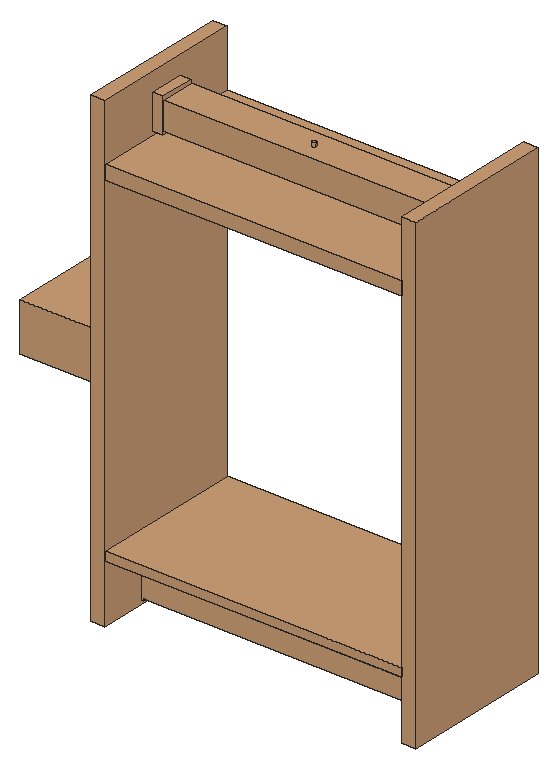
Revit family
Parameters
  Center of Unit = 0' - 0"  # constant formula
  Total Heating Capacity [instance] = 0.0 Btu/h
  Series = "VIFB"
  Outlet Area = 14.30 SF
  Lower Frame Thickness = if(Headers Height = 0' 3", 0' 1 1/4", if(Headers Height = 0' 3 1/4", 0' 1 1/4", 0' 0"))  # 0' - 1 1/4"
  Water Pressure Drop [instance] = 0.00 psi
  Water Flow [instance] = 0 GPM
  Unit Weight (lbs) = 561
  URL = "http://www.ljwing.com/"
  Water Outlet Radius = 0' - 1 1/2"
  Headers Height = if(M = 0' 1", 0' 3", if(M = 0' 1 1/2", 0' 3 1/4", 0' 0"))  # 0' - 3"
  Number of Rows = 2  # constant formula
  Number of Coils [instance] = 0
  Nominal Length = 3' - 10 7/8"
  N = 1' - 0 3/4"
  Model = "VC-4W"
  Manufacturer = "LJ Wing"
  M = 0' - 1"
  Leaving Water Temperature [instance] = 0 °F
  Leaving Air Temperature [instance] = 0 °F
  Entering Water Temperature [instance] = 0 °F
  Entering Air Temperature [instance] = 0 °F
  Description = "Vertical Integral Face & Bypass Water Heating Coils"
  Hot Water Inlet  Radius = 0' - 1 1/2"
  Coil Face Area = Outlet Area * 0.56  # 8.008 SF
  Casing Material = ""
  Assembly Code = "D3020300"
  Air Vent Radius = 0' - 0 1/4"
  Air Pressure Drop [instance] = 0.00 in-wg
  Air Inlet Width = Nominal Length - 0' 4"  # 3' - 6 7/8"
  Air Inlet Height = Y  # 4' - 0"
  Air Flow [instance] = 0 CFM
  Y = 4' - 0"
  S = 0' - 9 3/4"  # constant formula
  Product URL = "http://www.ljwing.com/html/vifb.asp"
  OmniClass = "23-75 70 21 14 "
  Nominal Height = 5' - 8"
  Nominal Depth = 1' - 10"
  R = 0' - 10 1/4"  # constant formula
  Q = 0' - 5 7/16"
Reference planes (in)
  plane 1 "Center (Front/Back)": y = 0
  plane 2: z = -24
  plane 3 "Center (Left/Right)": x = 0
  plane 4: z = 34.25
  plane 5: x = -23.4375
  plane 6: x = 23.4375
  plane 7: z = -33.75
  plane 8: z = 0
  plane 9: y = -11
  plane 10: y = 11
  plane 11: z = 24
  plane 12: z = 26
  plane 13: z = -25.25
  plane 14: x = 21.4375
  plane 15: x = -21.4375
  plane 16: x = -18
  plane 17: x = 18
  plane 18: y = 14.0625
  plane 19: x = -34.4375
  plane 20: z = 31.125
  plane 21: z = 27.125
  plane 22: y = -2.5
  plane 23: y = 2.5
  plane 24: y = -4.5
  plane 25: z = -31.375
  plane 26: x = -10.6875
  plane 27: x = 10.6875
  plane 28: z = -27.375
Forms (in)
  Extrusion 1, solid, material "Painted Finish"
    sketch origin (0, 6, -9.75) x (1, 0, 0) y (0, 0, 1)
      loop
        line (-23.4375, -24) -> (-21.4375, -24) -> (-21.4375, 44) -> (-23.4375, 44) -> (-23.4375, -24)
      loop
        line (23.4375, -24) -> (23.4375, 44) -> (21.4375, 44) -> (21.4375, -24) -> (23.4375, -24)
    from -5 to 17
  Extrusion 2, solid, material "Painted Finish"
    sketch origin (0, 6, 0) x (1, 0, 0) y (0, 0, 1)
      loop
        line (21.4375, -24) -> (-21.4375, -24) -> (-21.4375, -25.25) -> (21.4375, -25.25) -> (21.4375, -24)
      loop
        line (21.4375, 24) -> (21.4375, 26) -> (-21.4375, 26) -> (-21.4375, 24) -> (21.4375, 24)
    from -5 to 17
  Extrusion 3, solid, material "Painted Finish"
    sketch origin (0, 10, -0.5) x (1, 0, 0) y (0, 0, 1)
      loop
        line (-23.4375, 4) -> (-34.4375, 4) -> (-34.4375, -3) -> (-23.4375, -3) -> (-23.4375, 4)
    from 0 to 20
  Extrusion 4, solid, material "Painted Finish"
    sketch origin (0, 6, 0) x (1, 0, 0) y (0, 0, 1)
      loop
        line (-19.8125, 31.125) -> (-19.8125, 27.125) -> (19.8125, 27.125) -> (19.8125, 31.125) -> (-19.8125, 31.125)
    from 3.5 to 8.5
  Extrusion 5, solid, material "Painted Finish"
    sketch origin (0, 0, 0) x (1, 0, 0) y (0, 0, 1)
      loop
        line (-19.8125, 26.625) -> (-19.8125, 31.625) -> (-21.4375, 31.625) -> (-21.4375, 26.625) -> (-19.8125, 26.625)
      loop
        line (21.4375, 26.625) -> (21.4375, 31.625) -> (19.8125, 31.625) -> (19.8125, 26.625) -> (21.4375, 26.625)
    from -2.5 to 2.5
  Extrusion 6, solid, material "Painted Finish"
    sketch origin (0, 6, 0) x (1, 0, 0) y (0, 0, 1)
      loop
        line (-20.9375, -25.875) -> (-20.9375, -25.625) -> (-21.4375, -25.625) -> (-21.4375, -29.125) -> (-20.9375, -29.125) -> (-20.9375, -28.875) -> (20.9375, -28.875) -> (20.9375, -29.125) -> (21.4375, -29.125) -> (21.4375, -25.625) -> (20.9375, -25.625) -> (20.9375, -25.875) -> (-20.9375, -25.875)
      loop
        line (20.9375, -32.875) -> (20.9375, -33.125) -> (21.4375, -33.125) -> (21.4375, -29.625) -> (20.9375, -29.625) -> (20.9375, -29.875) -> (-20.9375, -29.875) -> (-20.9375, -29.625) -> (-21.4375, -29.625) -> (-21.4375, -33.125) -> (-20.9375, -33.125) -> (-20.9375, -32.875) -> (20.9375, -32.875)
    from -5 to 10.5
  Extrusion 7, void
    sketch origin (0, 0, 0) x (1, 0, 0) y (0, 0, 1)
      loop
        line (-21.4375, 24) -> (-21.4375, -24) -> (21.4375, -24) -> (21.4375, 24) -> (-21.4375, 24)
    from -11 to 11
  Extrusion 8, solid, material "Painted Finish"
    sketch origin (0, 0, 0) x (1, 0, 0) y (0, 0, 1)
      loop
        circle (10.6875, -31.375) r 1
      loop
        circle (-10.6875, -27.375) r 1
    from -14.0625 to -11
  Extrusion 9, solid, material "Painted Finish"
    sketch origin (0, 0, 0) x (1, 0, 0) y (0, 1, 0)
      loop
        circle (0, 0) r 0.25
    from 31.125 to 31.625
Cuts and joins
  Extrusion 7 cuts Extrusion 1
  Extrusion 7 cuts Extrusion 2
Dimensions and locks (in)
  "Nominal Length": plane 6 to plane 5
  equal spacing: plane 6, plane 3 "Center (Left/Right)", plane 5
  "S": plane 2 to plane 7
  "Nominal Depth": plane 10 to plane 9
  equal spacing: plane 10, plane 1 "Center (Front/Back)", plane 9
  "Y": plane 11 to plane 2
  "R": plane 4 to plane 11
  locked: plane 12 to plane 11 at 2
  "Lower Frame Thickness": plane 2 to plane 13
  "Q": plane 16 to plane 5
  "Q": plane 6 to plane 17
  locked: plane 18 to plane 10 at 3.0625
  locked: plane 5 to plane 19 at 11
  locked: Extrusion 3 sketch curve to Extrusion 3 sketch curve at 7
  locked: Extrusion 3 to Extrusion 3 at 20
  locked: plane 6 to plane 14 at 2
  locked: plane 15 to plane 5 at 2
  locked: Extrusion 5 sketch curve to plane 20 at 0.5
  locked: plane 21 to Extrusion 5 sketch curve at 0.5
  locked: plane 20 to plane 21 at 4
  locked: plane 23 to plane 22 at 5
  equal spacing: plane 23, plane 1 "Center (Front/Back)", plane 22
  locked: plane 22 to plane 24 at 2
  plane 4 to plane 7 = 5' - 8"
  locked: Extrusion 5 sketch curve to Extrusion 1 at 1.625
  locked: Extrusion 5 sketch curve to Extrusion 5 sketch curve at 1.625
  locked: Extrusion 7 sketch curve to plane 11 at 0
  locked: Extrusion 7 sketch curve to plane 15 at 0
  locked: Extrusion 7 sketch curve to plane 14 at 0
  locked: plane 15 to Extrusion 6 sketch curve at 0.5
  locked: Extrusion 6 sketch curve to Extrusion 6 sketch curve at 0.25  (x2)
  locked: plane 25 to plane 7 at 2.375
  "N": plane 26 to plane 5
  "N": plane 6 to plane 27
  locked: plane 28 to plane 7 at 6.375
  "Headers Height": Extrusion 6 sketch curve to Extrusion 6 sketch curve  (x2)
  locked: Extrusion 8 sketch curve to plane 25 at 0
  locked: Extrusion 8 sketch curve to plane 28 at 0
  locked: Extrusion 9 sketch curve to plane 1 "Center (Front/Back)" at 0
  locked: Extrusion 9 sketch curve to plane 3 "Center (Left/Right)" at 0
  equal spacing: Extrusion 6 sketch curve, plane 28, Extrusion 6 sketch curve
  equal spacing: Extrusion 6 sketch curve, plane 25, Extrusion 6 sketch curve
  locked: plane 4 to plane 20 at 3.125
  locked: Extrusion 7 sketch curve to plane 2 at 0
  equal spacing: plane 11, plane 8, plane 2
  locked: Extrusion 8 sketch curve to plane 27 at 0
  locked: Extrusion 8 sketch curve to plane 26 at 0
  "M": radius of Extrusion 8 sketch curve  (x2)
  "Air Vent Radius": radius of Extrusion 9 sketch curve
  aligned and locked: Extrusion 1 to plane 9
  aligned and locked: Extrusion 1 to plane 10
  aligned and locked: Extrusion 1 to plane 15
  aligned and locked: Extrusion 1 to plane 14
  aligned and locked: Extrusion 2 to plane 9
  aligned and locked: plane 9 to Extrusion 1
  aligned and locked: plane 10 to Extrusion 1  (x2)
  aligned and locked: Extrusion 2 to plane 10
  aligned and locked: plane 10 to Extrusion 2  (x2)
  aligned and locked: plane 9 to Extrusion 2  (x2)
  aligned and locked: plane 5 to Extrusion 3
  aligned and locked: Extrusion 5 sketch curve to plane 15
  aligned and locked: Extrusion 5 sketch curve to Extrusion 4
  aligned and locked: Extrusion 1 to Extrusion 6
  aligned and locked: plane 22 to Extrusion 5
  aligned and locked: Extrusion 5 to Extrusion 4  (x2)
  aligned and locked: Extrusion 5 to plane 23
  aligned and locked: Extrusion 6 to plane 24
  aligned and locked: Extrusion 4 to Extrusion 5  (x2)
  aligned and locked: Extrusion 5 to Extrusion 1  (x2)
  aligned and locked: Extrusion 1 to Extrusion 7  (x2)
  aligned and locked: plane 18 to Extrusion 8
  aligned and locked: Extrusion 8 to plane 10
  aligned and locked: plane 20 to Extrusion 9
  aligned and locked: Extrusion 9 to Extrusion 5
  aligned and locked: plane 2 to cut or joined group of Extrusion 2, Extrusion 7
  aligned and locked: Extrusion 1 sketch curve to plane 6
  aligned and locked: Extrusion 1 sketch curve to plane 14
  aligned and locked: Extrusion 1 sketch curve to plane 15
  aligned and locked: Extrusion 1 sketch curve to plane 5
  aligned and locked: Extrusion 1 sketch curve to plane 4  (x2)
  aligned and locked: plane 7 to Extrusion 1 sketch curve  (x2)
  aligned and locked: Extrusion 2 sketch curve to plane 11
  aligned and locked: Extrusion 2 sketch curve to plane 12
  aligned and locked: plane 2 to Extrusion 2 sketch curve
  aligned and locked: Extrusion 2 sketch curve to plane 13
  aligned and locked: Extrusion 2 sketch curve to plane 14  (x2)
  aligned and locked: Extrusion 2 sketch curve to plane 15  (x2)
  aligned and locked: plane 20 to Extrusion 4 sketch curve
  aligned and locked: Extrusion 4 sketch curve to plane 21
  aligned and locked: Extrusion 6 sketch curve to plane 14  (x2)
  aligned and locked: plane 15 to Extrusion 6 sketch curve  (x2)
Automatic sketch dimensions
  Extrusion 3 sketch curve to plane 19 = 0' - 0"
  Extrusion 3 sketch curve to plane 5 = 0' - 0"
  plane 8 to Extrusion 3 sketch curve = 0' - 3 1/2"
  Extrusion 4 sketch curve to plane 16 = 0' - 1 13/16"
  plane 17 to Extrusion 4 sketch curve = 0' - 1 13/16"
  plane 21 to Extrusion 5 sketch curve = 0' - 0 1/2"
  Extrusion 5 sketch curve to plane 20 = 0' - 0 1/2"
  plane 15 to Extrusion 6 sketch curve = 0' - 0 1/2"  (x2)
  Extrusion 6 sketch curve to Extrusion 6 sketch curve = 0' - 0 1/4"  (x5)
  Extrusion 6 sketch curve to Extrusion 6 sketch curve = 0' - 0"  (x2)
  Extrusion 6 sketch curve to plane 14 = 0' - 0 1/2"  (x2)
  Extrusion 6 sketch curve to Extrusion 6 sketch curve = 0' - 0 1/2"
  Extrusion 6 sketch curve to plane 7 = 0' - 0 5/8"
Connectors (in)
  hvac at (0, -11, 0), driven by "Air Inlet Height", driven by "Air Inlet Width", driven by "Air Flow", driven by "Air Pressure Drop"
    settings: on Extrusion 7, index 1
  hvac at (0, 11, 0), driven by "Air Pressure Drop", driven by "Air Inlet Height", driven by "Air Inlet Width", driven by "Air Flow"
    settings: on Extrusion 7, index 2
  piping at (-10.6875, 14.0625, -27.375), driven by "M", driven by "Water Flow", driven by "Water Pressure Drop"
    settings: on Extrusion 8, index 4
  piping at (10.6875, 14.0625, -31.375), driven by "Water Pressure Drop", driven by "Water Flow", driven by "M"
    settings: on Extrusion 8, index 5
